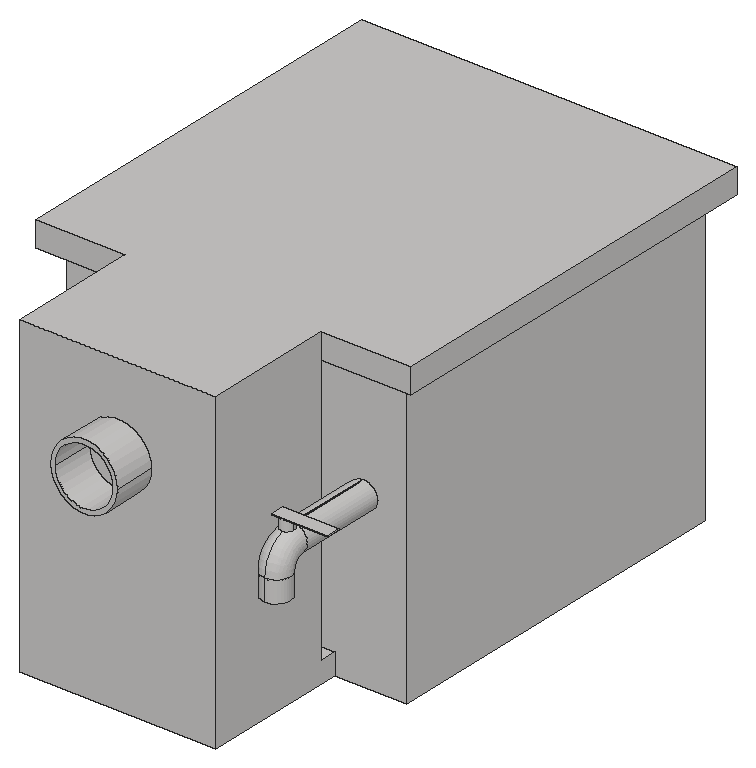
Revit family "Interseptor_Grease-Zurn-Z1173 01", category Plumbing Fixtures, Revit 2022
Family settings
  Round Connector Dimension = Use Radius
  Part Type = Normal
  OmniClass Number = 23.45.55.17
  OmniClass Title = Mixing Faucets
  Work Plane-Based = No
  Always vertical = Yes
  Cut with Voids When Loaded = No
  Maintain Annotation Orientation = No
  Shared = No
  Room Calculation Point = No
Parameters (values of type "Load Family Type Catalog")
  Water Capacity = 5.0 gal
  Waste Connection = 1 = 1  # yes
  WFU = 1  # constant formula
  Vent Connection = 1 = 0  # no
  URL = "www.zurn.com"
  Type Comments = "Z1173-200-2 Inch Inlet / Outlet"
  Product data url = "https://www.bimobject.com/en-in/zurnindustries/product/zurn-z1173"
  Product Page URL = "https://www.zurn.com/products/drainage-interceptors/interceptors/grease-interceptor/z1173"
  Product Documentation Link = "https://files.zurn.com/spec-sheets/58909.pdf"
  Pipe Size_A Outer Radius = Pipe Size_A Outer Diameter / 2  # 1.1875"
  Pipe Size_A Outer Diameter = 2.375"
  Pipe Size_A Nominal Diameter = 2.000"
  Pipe Size_A Inside Radius = Pipe Size_A Inside Diameter / 2  # 1.0335"
  Pipe Size_A Inside Diameter = 2.067"
  Modified Date = "12/30/2025"  # constant formula
  Model = "Z1173"
  Manufacurer Brand = "Zurn"  # constant formula
  Manufacturer = "Zurn Water, LLC"  # constant formula
  Main Material = Steel - Zurn - A.R.E Coated
  HWFU = 0  # constant formula
  HW Connection = 1 = 0  # no
  Grease Capacity = 14.00 lbf
  Flow Rate (GPM) = 7 GPM
  Description = "EJECTO-MATIC GREASEPTOR"  # constant formula
  Default Elevation = 20.000"  # constant formula
  Date Created = "08/15/2022"  # constant formula
  Connector Radius = Pipe Size_A Nominal Diameter / 2  # 1.000"
  CWFU = 0  # constant formula
  CW Connection = 1 = 0  # no
  Assembly Code = "D2090300"
  Approx. Weight (Lbs) = 56.000"
  "M" Dimension = 6.125"
  "G" Dimension = 11.875"
  "F" Dimension = 21.750"
  "D" & "E" Dimension = 8.125"
  "C" Dimension = 11.250"
Types (3): name | "M" Dimension | "G" Dimension | "F" Dimension | "D" & "E" Dimension | "C" Dimension
  (no name) | 6.125" | 11.875" | 21.750" | 8.125" | 11.250"
  Load Family Type Catalog | 6.125" | 11.875" | 21.750" | 8.125" | 11.250"
  Type 2 | 15.500" | 28.625" | 36.000" | 18.500" | 22.750"
Reference planes (in)
  plane 1 "Center (Front/Back)": y = 0
  plane 2: z = 0
  plane 3 "Center (Left/Right)": x = 0
  plane 4: x = -6.6875
  plane 5: x = 6.6875
  plane 6: x = -6.625
  plane 7: x = 6.625
  plane 8: x = -5.9375
  plane 9: x = 5.9375
  plane 10: z = 10.5
  plane 11: z = 10.375
  plane 12: y = 11.938
  plane 13: y = -2.625
  plane 14: y = 11.813
  plane 15: y = -2.5
  plane 16: y = 11.312
  plane 17: y = -1.999
  plane 18: y = 11.187
  plane 19: y = -1.874
  plane 20 "Inlet": y = 12.938
  plane 21: z = 8.125
  plane 22 "End outlet": y = -8.812
  plane 23: y = -13.436
  plane 24 "001": x = 4.5
  plane 25: z = 6.125
  plane 26: x = -3.5
  plane 27: x = 3.5
  plane 28: z = 9.125
  plane 29: z = 7.125
  plane 30: x = -1
  plane 31: x = 1
  plane 32: x = -1.1875
  plane 33: x = 1.1875
  plane 34 "Main": z = 11.25
  plane 35 "End MAin": z = 0
  plane 36: z = 0.125
  plane 37: y = -7.312
Forms (in)
  Extrusion 1, solid, material "Steel - Zurn - A.R.E Coated" <- "Main Material", detail levels fine
    sketch origin (0, 0, 0) x (1, 0, 0) y (0, 0, 1)
      loop
        circle (0, 8.125) r 1.1875
      loop
        circle (0, 8.125) r 1.0335
    from -11.312 to -12.938
  Extrusion 2, solid, material "Steel - Zurn - A.R.E Coated" <- "Main Material", detail levels fine
    sketch origin (0, 0, 0) x (0, 1, 0) y (0, 0, 1)
      loop
        line (-2.625, 11.25) -> (-7.312, 11.25) -> (-7.312, 0) -> (-1.999, 0) -> (-1.999, 0.75) -> (-2.625, 0.75) -> (-2.625, 11.25)
    from -3.5 to 3.5
  Extrusion 3, solid, material "Steel - Zurn - A.R.E Coated" <- "Main Material", detail levels fine
    sketch origin (0, -8.812, 0) x (0, 0, 1) y (-1, 0, 0)
      loop
        circle (8.125, 0) r 1.1875
      loop
        circle (8.125, 0) r 1.0335
    from -1.5 to 0
  Extrusion 4, solid, material "Steel - Zurn - A.R.E Coated" <- "Main Material", detail levels fine
    sketch origin (0, 0, 0) x (1, 0, 0) y (0, 1, 0)
      loop
        circle (4.5, -5.38054) r 0.25
    from 6.57657 to 6.95316
  Extrusion 5, solid, material "Steel - Zurn - A.R.E Coated" <- "Main Material", detail levels fine
    sketch origin (0, 0, 0) x (1, 0, 0) y (0, 1, 0)
      loop
        line (4.14644, -5.125) -> (4.14644, -5.625) -> (6.14644, -5.625) -> (6.14644, -5.125) -> (4.14644, -5.125)
    from 6.95316 to 6.99951
  Extrusion 6, solid, material "Steel - Zurn - A.R.E Coated" <- "Main Material", detail levels fine
    sketch origin (0, 0, 0) x (-1, 0, 0) y (0, -1, 0)
      loop
        line (1.0625, -3.001) -> (-1.0625, -3.001) -> (-1.0625, -6.312) -> (1.0625, -6.312) -> (1.0625, -3.001)
    from 0.125 to 0
  Sweep 7, solid, material "Steel - Zurn - A.R.E Coated" <- "Main Material", detail levels fine
    path origin (0, 0, 11.25) x (-1, 0, 0) y (0, -1, 0)
      loop
        line (5.9375, -11.187) -> (5.9375, 1.874) -> (-5.9375, 1.874) -> (-5.9375, -11.187) -> (5.9375, -11.187)
    profile origin (0, 11.187, 11.25) x (0, 1, 0) y (0, 0, 1)
      loop
        line (0.751, 0) -> (0.626, 0) -> (0.626, -0.75) -> (0, -0.75) -> (0, -11.125) -> (-4.875, -11.125) -> (-4.875, -11.25) -> (0.125, -11.25) -> (0.125, -0.875) -> (0.751, -0.875) -> (0.751, 0)
  Extrusion 8, solid, material "Steel - Zurn - A.R.E Coated" <- "Main Material", detail levels fine
    sketch origin (0, 0, 11.25) x (-1, 0, 0) y (0, -1, 0)
      loop
        line (6.5635, -11.813) -> (6.5635, 2.5) -> (-6.5635, 2.5) -> (-6.5635, -11.813) -> (6.5635, -11.813)
    from -0.875 to 0
  Sweep 9, solid, material "Steel - Zurn - A.R.E Coated" <- "Main Material", detail levels fine
    path origin (4.5, 0, 0) x (0, 0, 1) y (0, -1, 0)
      loop
        line (6.125, 1.874) -> (6.125, 5.124)
        arc (6.125, 5.124) -> (5.90533, 5.65433) -> (5.375, 5.874) r 0.75
        line (5.375, 5.874) -> (4.625, 5.874)
    profile origin (4.5, -3.499, 6.125) x (0, 0, -1) y (1, 0, 0)
      loop
        circle (0, 0) r 0.5
      loop
        circle (0, 0) r 0.35
Cuts and joins
  joined: Extrusion 2, Extrusion 6, Sweep 7, Extrusion 8
Lines and regions (in)
  Masking region 1, detail levels fine
    outline origin (0, 0, 11.25) x (-1, 0, 0) y (0, -1, 0)
      loop
        line (6.6875, -11.938) -> (6.6875, 2.625) -> (3.5, 2.625) -> (3.5, 7.312) -> (1.1875, 7.312) -> (1.1875, 8.812) -> (-1.1875, 8.812) -> (-1.1875, 7.312) -> (-3.5, 7.312) -> (-3.5, 2.625) -> (-4, 2.625) -> (-4, 5.874)
        arc (-4, 5.874) -> (-4.14645, 6.22755) -> (-4.5, 6.374) r 0.5
        arc (-4.5, 6.374) -> (-4.85355, 6.22755) -> (-5, 5.874) r 0.5
        line (-5, 5.874) -> (-5, 5.625) -> (-6.14644, 5.625) -> (-6.14644, 5.125) -> (-5.001, 5.125) -> (-5.001, 2.625) -> (-6.6875, 2.625) -> (-6.6875, -11.938) -> (-1.1875, -11.938) -> (-1.1875, -12.938) -> (1.1875, -12.938) -> (1.1875, -11.938) -> (6.6875, -11.938)
  model lines, detail levels coarse+medium
    curve 1: line (0, -7.312, 11.25) -> (0, -7.312, 0)
    curve 2: line (0, 11.938, 10.375) -> (0, 11.938, 11.25)
    curve 3: line (0, 11.938, 10.375) -> (0, 11.312, 10.375)
    curve 4: line (0, -7.312, 8.125) -> (0, -8.812, 8.125)
    curve 5: line (0, 11.312, 8.125) -> (0, 12.938, 8.125)
    curve 6: line (0, -8.812, 9.125) -> (0, -8.812, 7.125)
    curve 7: line (-1, -8.812, 8.125) -> (1, -8.812, 8.125)
    curve 8: line (1, 12.938, 8.125) -> (-1, 12.938, 8.125)
    curve 9: line (0, 12.938, 9.125) -> (0, 12.938, 7.125)
    curve 10: line (-6.6885, -2.625, 11.25) -> (-3.5, -2.625, 11.25)
    curve 11: line (-6.6885, 11.938, 11.25) -> (-6.6885, -2.625, 11.25)
    curve 12: line (6.6885, 11.938, 11.25) -> (-6.6885, 11.938, 11.25)
    curve 13: line (6.6885, -2.625, 11.25) -> (6.6885, 11.938, 11.25)
    curve 14: line (-3.5, -2.625, 11.25) -> (-3.5, -7.312, 11.25)
    curve 15: line (3.5, -7.312, 11.25) -> (3.5, -2.625, 11.25)
    curve 16: line (3.5, -2.625, 11.25) -> (6.6885, -2.625, 11.25)
    curve 17: line (0, 11.312, 10.375) -> (0, 11.312, 0)
    curve 18: line (0, 11.312, 0) -> (0, -7.312, 0)
    curve 19: line (-3.5, -7.312, 11.25) -> (3.5, -7.312, 11.25)
Dimensions and locks (in)
  locked: plane 10 to plane 11 at 0.125
  locked: plane 12 to plane 14 at 0.125
  locked: plane 16 to plane 18 at 0.125
  locked: plane 19 to plane 17 at 0.125
  locked: Extrusion 2 to plane 3 "Center (Left/Right)" at 3.5
  locked: Extrusion 2 sketch curve to Extrusion 2 sketch curve at 0.75
  locked: Extrusion 5 to Extrusion 5 at 0.04635
  locked: Extrusion 5 to Extrusion 5 at 2
  locked: Extrusion 5 sketch curve to Extrusion 5 sketch curve at 0.5
  locked: Extrusion 5 sketch curve to plane 24 "001" at 0.35356
  locked: plane 24 "001" to plane 3 "Center (Left/Right)" at 4.5
  locked: Extrusion 4 to plane 25 at 0.45157
  locked: Extrusion 5 to plane 25 at 0.87451
  equal spacing: plane 8, plane 3 "Center (Left/Right)", plane 9
  ""G" Dimension": plane 8 to plane 9
  equal spacing: plane 26, plane 3 "Center (Left/Right)", plane 27
  locked: plane 26 to plane 27 at 7
  equal spacing: plane 28, plane 21, plane 29
  "Pipe Size_A Nominal Diameter": plane 28 to plane 29
  equal spacing: plane 31, plane 3 "Center (Left/Right)", plane 30
  "Pipe Size_A Nominal Diameter": plane 31 to plane 30
  equal spacing: plane 32, plane 3 "Center (Left/Right)", plane 33
  "Pipe Size_A Outer Diameter": plane 32 to plane 33
  ""C" Dimension": plane 34 "Main" to level
  locked: plane 34 "Main" to plane 10 at 0.75
  locked: plane 36 to plane 35 "End MAin" at 0.125
  ""M" Dimension": plane 25 to plane 35 "End MAin"
  ""D" & "E" Dimension": plane 21 to plane 35 "End MAin"
  ""C" Dimension": plane 34 "Main" to plane 35 "End MAin"
  locked: plane 13 to plane 37 at 4.687
  ""F" Dimension": plane 20 "Inlet" to plane 22 "End outlet"
  plane 37 to plane 20 "Inlet" = 20.250"
  locked: plane 15 to plane 13 at 0.125
  locked: plane 20 "Inlet" to plane 12 at 1
  locked: plane 14 to plane 16 at 0.501
  locked: plane 17 to plane 15 at 0.501
  locked: plane 37 to plane 22 "End outlet" at 1.5
  plane 15 to plane 37 = 4.812"
  Extrusion 2 to plane 16 = 13.311"
  locked: Sweep 9 sketch curve to Sweep 9 sketch curve at 4
  locked: Sweep 9 sketch curve to Sweep 9 sketch curve at 1.5
  locked: Extrusion 5 sketch curve to plane 13 at 2.5
  locked: Extrusion 4 sketch curve to plane 13 at 2.75554
  locked: plane 4 to plane 8 at 0.75
  locked: plane 9 to plane 5 at 0.75
  Masking region 1 sketch curve to plane 24 "001" to Masking region 1 sketch curve = 0.500" locked, 0.501" locked
  locked: Masking region 1 to Masking region 1 at 0.5
  locked: plane 25 to Sweep 9 sketch curve at 0.5
  locked: plane 25 to Sweep 9 sketch curve at 0.35
  "Pipe Size_A Outer Radius": radius of Extrusion 1 sketch curve
  "Pipe Size_A Inside Radius": radius of Extrusion 3 sketch curve
  "Pipe Size_A Outer Radius": radius of Extrusion 3 sketch curve
  "Pipe Size_A Inside Radius": radius of Extrusion 1 sketch curve
  aligned and locked: plane 2 to level
  aligned and locked: plane 3 "Center (Left/Right)" to Extrusion 1 sketch curve  (x2)
  aligned and locked: Extrusion 1 to plane 20 "Inlet"
  aligned and locked: plane 16 to Extrusion 1
  aligned and locked: Extrusion 2 sketch curve to plane 13
  aligned and locked: Extrusion 4 to Extrusion 5
  aligned and locked: plane 21 to Extrusion 3 sketch curve  (x2)
  aligned and locked: plane 21 to Extrusion 1 sketch curve  (x2)
  aligned and locked: curve 2 to plane 12
  aligned and locked: curve 3 to plane 11
  aligned and locked: plane 22 "End outlet" to curve 4
  aligned and locked: plane 20 "Inlet" to curve 5
  aligned and locked: plane 21 to curve 5
  aligned and locked: plane 3 "Center (Left/Right)" to Extrusion 3 sketch curve  (x2)
  aligned and locked: plane 28 to curve 6
  aligned and locked: plane 29 to curve 6
  aligned and locked: curve 6 to plane 3 "Center (Left/Right)"
  aligned and locked: plane 30 to curve 7
  aligned and locked: plane 31 to curve 7
  aligned and locked: curve 7 to plane 21
  aligned and locked: plane 28 to curve 9
  aligned and locked: plane 29 to curve 9
  aligned and locked: plane 3 "Center (Left/Right)" to curve 9
  aligned and locked: plane 31 to curve 8
  aligned and locked: plane 30 to curve 8
  aligned and locked: curve 8 to plane 21
  aligned and locked: Extrusion 2 sketch curve to plane 35 "End MAin"
  aligned and locked: plane 34 "Main" to Extrusion 2
  aligned and locked: plane 37 to Extrusion 2
  aligned and locked: curve 1 to plane 37
  aligned and locked: curve 4 to plane 21
  aligned and locked: Extrusion 3 to Extrusion 2
  aligned and locked: plane 8 to Sweep 7 sketch curve
  aligned and locked: Sweep 7 sketch curve to plane 19
  aligned and locked: Sweep 7 sketch curve to plane 9
  aligned and locked: plane 18 to Sweep 7 sketch curve
  aligned and locked: Sweep 7 sketch curve to plane 12
  aligned and locked: plane 14 to Sweep 7 sketch curve
  aligned and locked: Sweep 7 sketch curve to plane 11
  aligned and locked: plane 10 to Sweep 7 sketch curve
  aligned and locked: plane 34 "Main" to Sweep 7 sketch curve
  aligned and locked: Sweep 7 sketch curve to level
  aligned and locked: plane 36 to Sweep 7 sketch curve
  aligned and locked: Extrusion 6 sketch curve to Sweep 7  (x4)
  aligned and locked: Extrusion 8 sketch curve to plane 15
  aligned and locked: plane 14 to Extrusion 8 sketch curve
  aligned and locked: Extrusion 8 sketch curve to Sweep 7  (x2)
  aligned and locked: Extrusion 8 to curve 2
  aligned and locked: Extrusion 8 to Extrusion 2
  aligned and locked: Sweep 9 sketch curve to plane 25
  aligned and locked: plane 19 to Sweep 9 sketch curve
  aligned and locked: profile plane to Sweep 9 sketch curve
  aligned and locked: plane 24 "001" to Sweep 9 sketch curve  (x2)
  aligned and locked: plane 24 "001" to Extrusion 4 sketch curve
  aligned and locked: curve 10 to Sweep 7
  aligned and locked: curve 11 to Sweep 7
  aligned and locked: curve 12 to Sweep 7
  aligned and locked: curve 13 to Sweep 7
  aligned and locked: Extrusion 2 to curve 14
  aligned and locked: curve 15 to Extrusion 2
  aligned and locked: plane 13 to curve 15
  aligned and locked: curve 19 to Extrusion 2
  aligned and locked: plane 13 to Sweep 7
  aligned and locked: Extrusion 2 to plane 26
  aligned and locked: plane 22 "End outlet" to Extrusion 3
  aligned and locked: plane 37 to curve 19
  aligned and locked: plane 22 "End outlet" to curve 7
  aligned and locked: plane 27 to Extrusion 2
  aligned and locked: Extrusion 2 to Sweep 7
  aligned and locked: Sweep 7 to Sweep 7
  aligned and locked: Sweep 7 to plane 12
  aligned and locked: Masking region 1 sketch curve to Sweep 9  (x2)
  aligned and locked: plane 12 to Masking region 1 sketch curve  (x2)
  aligned and locked: plane 32 to Masking region 1 sketch curve
  aligned and locked: Masking region 1 sketch curve to plane 33
  aligned and locked: plane 20 "Inlet" to Masking region 1 sketch curve
  aligned and locked: Masking region 1 sketch curve to plane 5
  aligned and locked: Masking region 1 sketch curve to plane 13
  aligned and locked: plane 13 to Masking region 1 sketch curve  (x2)
  aligned and locked: Masking region 1 sketch curve to plane 26
  aligned and locked: plane 37 to Masking region 1 sketch curve  (x2)
  aligned and locked: plane 33 to Masking region 1 sketch curve
  aligned and locked: Masking region 1 sketch curve to plane 32
  aligned and locked: plane 22 "End outlet" to Masking region 1 sketch curve
  aligned and locked: Masking region 1 to plane 4
  aligned and locked: Extrusion 5 to Masking region 1
  aligned and locked: Masking region 1 sketch curve to Extrusion 5
  aligned and locked: plane 25 to Sweep 9 sketch curve
  aligned and locked: Extrusion 6 to level
  aligned and locked: plane 36 to Extrusion 6
Automatic sketch dimensions
  Extrusion 2 sketch curve to plane 17 = 0.000"
  plane 10 to Extrusion 2 sketch curve = 0.750"
  curve 1 to plane 34 "Main" = 0.000"
  curve 2 to plane 34 "Main" = 0.000"
  Extrusion 2 sketch curve to plane 37 = 0.000"
  curve 1 to level = 0.000"
  curve 5 to plane 16 = 0.000"
  Sweep 7 sketch curve to profile plane = 0.000"
  profile plane to Sweep 7 sketch curve = 4.875"
  Sweep 7 sketch curve to profile plane = 0.125"
  plane 9 to Extrusion 5 sketch curve = 0.20894"
  curve 15 to plane 27 = 0.000"
  curve 14 to plane 26 = 0.000"
  Masking region 1 sketch curve to plane 27 = 0.000"
  Masking region 1 sketch curve to plane 4 = 0.000"
  Masking region 1 sketch curve to Masking region 1 sketch curve = 0.500"
  Masking region 1 sketch curve to Masking region 1 sketch curve = 0.249"
  Sweep 9 sketch curve to Sweep 9 sketch curve = 0.750"
  Sweep 9 sketch curve to Sweep 9 sketch curve = 0.000"
  radius of Extrusion 4 sketch curve = 0.250"
Connectors (in)
  piping at (0, 12.938, 8.125), diameter 2, driven by "Connector Radius", driven by "Waste Connection"
    settings: on Extrusion 1, index 2, connector inside diameter 24", connector length 0.000", flow factor 0, pipe flow 0 GPM, pressure drop 0.00 psi, fitting loss kfactor 0, connector angle 0.00°, fixture units 0, engagement length 0.000", angle of deflection 0.00°, flow configuration 0, flow direction 1, fitting loss method 0, system type 16, joint type 0, gender type 0, connector reference index -1, connector utility 1, adjustable connector no, is connector primary yes, connector description "Sanitary Inlet"
  piping at (0, -8.812, 8.125), diameter 2, driven by "Connector Radius", driven by "Waste Connection"
    settings: on Extrusion 3, index 3, connector inside diameter 24", connector length 0.000", flow factor 0, pipe flow 0 GPM, pressure drop 0.00 psi, fitting loss kfactor 0, connector angle 0.00°, fixture units 0, engagement length 0.000", angle of deflection 0.00°, flow configuration 0, flow direction 2, fitting loss method 0, system type 16, joint type 0, gender type 0, connector reference index -1, connector utility 1, adjustable connector no, is connector primary no, connector description "sanitary Outlet"
Types in the file's own list only (16): name | Water Capacity | Type Comments | Pipe Size_A Outer Radius | Pipe Size_A Outer Diameter | Pipe Size_A Nominal Diameter | Pipe Size_A Inside Radius | Pipe Size_A Inside Diameter | Model | Main Material | Grease Capacity | Flow Rate (GPM) | Default Elevation | Connector Radius | Approx. Weight (Lbs) | "M" Dimension | "G" Dimension | "F" Dimension | "D" & "E" Dimension | "C" Dimension
  Z1173-200-7-2 | 5.0 gal | "Z1173-200 With 2 Inch Inlet/Outlet (7 GPM)" | 1.188 " | 2.375 " | 2.000 " | 1.034 " | 2.067 " | "Z1173" | Steel - Zurn - A.R.E Coated | 14.00 lbf | 7 GPM | 20.000 " | 1.000 " | 56.000 " | 6.125 " | 11.875 " | 21.750 " | 8.125 " | 11.250 "
  Z1173-300-10-2 | 6.0 gal | "Z1173-300 With 2 Inch Inlet/Outlet (10 GPM)" | 1.188 " | 2.375 " | 2.000 " | 1.034 " | 2.067 " | "Z1173" | Steel - Zurn - A.R.E Coated | 20.00 lbf | 10 GPM | 20.000 " | 1.000 " | 70.000 " | 5.750 " | 14.000 " | 25.125 " | 8.250 " | 11.750 "
  Z1173-400-15-3 | 10.0 gal | "Z1173-400 With 3 Inch Inlet/Outlet (15 GPM)" | 1.750 " | 3.500 " | 3.000 " | 1.534 " | 3.068 " | "Z1173" | Steel - Zurn - A.R.E Coated | 30.00 lbf | 15 GPM | 20.000 " | 1.500 " | 87.000 " | 6.875 " | 16.750 " | 27.125 " | 9.375 " | 13.375 "
  Z1173-500-20-3 | 16.0 gal | "Z1173-500 With 3 Inch Inlet/Outlet (20 GPM)" | 1.750 " | 3.500 " | 3.000 " | 1.534 " | 3.068 " | "Z1173" | Steel - Zurn - A.R.E Coated | 40.00 lbf | 20 GPM | 20.000 " | 1.500 " | 104.000 " | 9.250 " | 17.250 " | 30.000 " | 11.750 " | 15.000 "
  Z1173-600-25-3 | 21.0 gal | "Z1173-600 With 3 Inch Inlet/Outlet (25 GPM)" | 1.750 " | 3.500 " | 3.000 " | 1.513 " | 3.026 " | "Z1173" | Steel - Zurn - A.R.E Coated | 50.00 lbf | 25 GPM | 20.000 " | 1.500 " | 129.000 " | 9.500 " | 19.875 " | 32.250 " | 12.500 " | 17.000 "
  Z1173-700-35-3 | 30.0 gal | "Z1173-700 With 3 Inch Inlet/Outlet (35 GPM)" | 1.750 " | 3.500 " | 3.000 " | 1.513 " | 3.026 " | "Z1173" | Steel - Zurn - A.R.E Coated | 70.00 lbf | 35 GPM | 20.000 " | 1.500 " | 156.000 " | 11.250 " | 22.500 " | 34.125 " | 14.500 " | 18.750 "
  Z1173-800-50-3 | 40.0 gal | "Z1173-800 With 3 Inch Inlet/Outlet (50 GPM)" | 1.750 " | 3.500 " | 3.000 " | 1.513 " | 3.026 " | "Z1173" | Steel - Zurn - A.R.E Coated | 100.00 lbf | 50 GPM | 20.000 " | 1.500 " | 186.000 " | 13.000 " | 24.500 " | 36.000 " | 16.000 " | 21.500 "
  Z1173-900-75-3 | 65.0 gal | "Z1173-900 With 3 Inch Inlet/Outlet (75 GPM)" | 1.750 " | 3.500 " | 3.000 " | 1.513 " | 3.026 " | "Z1173" | Steel - Zurn - A.R.E Coated | 150.00 lbf | 75 GPM | 20.000 " | 1.500 " | 316.000 " | 15.500 " | 28.625 " | 36.000 " | 18.500 " | 22.750 "
  ZS1173-200-7-2 | 5.0 gal | "ZS1173-200 With 2 Inch Inlet/Outlet (7 GPM)" | 1.188 " | 2.375 " | 2.000 " | 1.034 " | 2.067 " | "ZS1173" | Steel - Zurn - Stainless - Type - 304 | 14.00 lbf | 7 GPM | 20.000 " | 1.000 " | 56.000 " | 6.125 " | 11.875 " | 21.750 " | 8.125 " | 11.250 "
  ZS1173-300-10-2 | 6.0 gal | "ZS1173-300 With 2 Inch Inlet/Outlet (10 GPM)" | 1.188 " | 2.375 " | 2.000 " | 1.034 " | 2.067 " | "ZS1173" | Steel - Zurn - Stainless - Type - 304 | 20.00 lbf | 10 GPM | 20.000 " | 1.000 " | 70.000 " | 5.750 " | 14.000 " | 25.125 " | 8.250 " | 11.750 "
  ZS1173-400-15-3 | 10.0 gal | "ZS1173-400 With 3 Inch Inlet/Outlet (15 GPM)" | 1.750 " | 3.500 " | 3.000 " | 1.534 " | 3.068 " | "ZS1173" | Steel - Zurn - Stainless - Type - 304 | 30.00 lbf | 15 GPM | 20.000 " | 1.500 " | 87.000 " | 6.875 " | 16.750 " | 27.125 " | 9.375 " | 13.375 "
  ZS1173-500-20-3 | 16.0 gal | "ZS1173-500 With 3 Inch Inlet/Outlet (20 GPM)" | 1.750 " | 3.500 " | 3.000 " | 1.534 " | 3.068 " | "ZS1173" | Steel - Zurn - Stainless - Type - 304 | 40.00 lbf | 20 GPM | 20.000 " | 1.500 " | 104.000 " | 9.250 " | 17.250 " | 30.000 " | 11.750 " | 15.000 "
  ZS1173-600-25-3 | 21.0 gal | "ZS1173-600 With 3 Inch Inlet/Outlet (25 GPM)" | 1.750 " | 3.500 " | 3.000 " | 1.513 " | 3.026 " | "ZS1173" | Steel - Zurn - Stainless - Type - 304 | 50.00 lbf | 25 GPM | 20.000 " | 1.500 " | 129.000 " | 9.500 " | 19.875 " | 32.250 " | 12.500 " | 17.000 "
  ZS1173-700-35-3 | 30.0 gal | "ZS1173-700 With 3 Inch Inlet/Outlet (35 GPM)" | 1.750 " | 3.500 " | 3.000 " | 1.513 " | 3.026 " | "ZS1173" | Steel - Zurn - Stainless - Type - 304 | 70.00 lbf | 35 GPM | 20.000 " | 1.500 " | 156.000 " | 11.250 " | 22.500 " | 34.125 " | 14.500 " | 18.750 "
  ZS1173-800-50-3 | 40.0 gal | "ZS1173-800 With 3 Inch Inlet/Outlet (50 GPM)" | 1.750 " | 3.500 " | 3.000 " | 1.513 " | 3.026 " | "ZS1173" | Steel - Zurn - Stainless - Type - 304 | 100.00 lbf | 50 GPM | 20.000 " | 1.500 " | 186.000 " | 13.000 " | 24.500 " | 36.000 " | 16.000 " | 21.500 "
  ZS1173-900-75-3 | 65.0 gal | "ZS1173-900 With 3 Inch Inlet/Outlet (75 GPM)" | 1.750 " | 3.500 " | 3.000 " | 1.513 " | 3.026 " | "ZS1173" | Steel - Zurn - Stainless - Type - 304 | 150.00 lbf | 75 GPM | 20.000 " | 1.500 " | 316.000 " | 15.500 " | 28.625 " | 36.000 " | 18.500 " | 22.750 "
